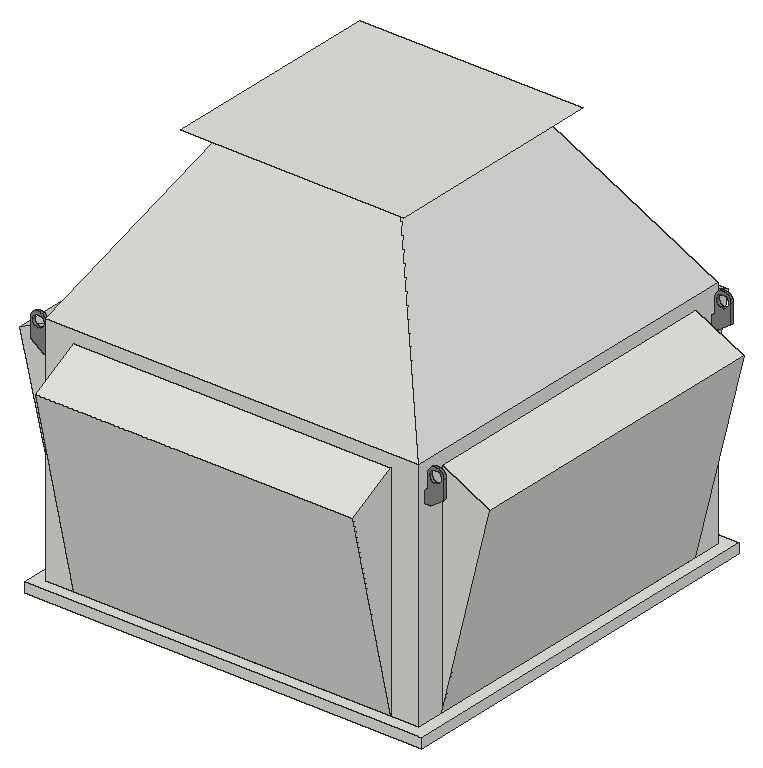
Revit family "НЕВАТОМ_Вентилятор VKRS, Версия 2", category Оборудование, Revit 2017
Family settings
  Размер круглого соединителя = Использовать диаметр
  Тип детали = Нормальный
  На основе рабочей плоскости = Нет
  Всегда вертикально = Да
  При загрузке вырезать с полостями = Нет
  Общий = Нет
  Точка расчета площади = Нет
Parameters (values of type "VKRS № 12,5 АИР250М6")
  Мощность двигателя N, кВт = 55 kW
  Материал = Сталь ASTM A441
  Ключевая пометка = "Вентиляция"
  l3 = 0.85 * l  # 1317.5 mm
  l2 = 0.6 * l  # 930 mm
  l1 = 0.5 * l  # 775 mm
  l = L - 100 mm  # 1550 mm
  h1 = 0.03 * H  # 50.7 mm
  h = 40 mm
  Nevatom_URL = "https://t.me/NEVATOM_Bim_bot"
  L1-100 = L1 - 100 mm  # 1950 mm
  L1 = 2050 mm
  L = 1650 mm
  H3 = 0.95 * H1  # 963.3 mm
  H2 = 0.85 * H1  # 861.9 mm
  H1 = 0.6 * H  # 1014 mm
  H = 1690 mm
  D = 1250 mm
  B = 1550 mm
  ADSK_Частота вращения вентилятора = 1000
  ADSK_Ток = 103.5 A
  ADSK_Расход воздуха = 0 m³/h
  ADSK_Размер_Ширина = L  # 1650 mm
  ADSK_Размер_Длина = L  # 1650 mm
  ADSK_Размер_Высота = H  # 1690 mm
  ADSK_Примечание = ""
  ADSK_Позиция = ""
  ADSK_Напряжение = 380 V  # constant formula
  ADSK_Наименование = "Вентилятор крышный радиальный с выбросом в сторону"  # constant formula
  ADSK_Материал наименование = "Оцинкованная сталь"  # constant formula
  ADSK_Масса = 1018
  ADSK_Марка = "VKRS-12,5-55,0/1000"
  ADSK_Количество [instance] = 1  # constant formula
  ADSK_Код изделия = ""
  ADSK_Завод-изготовитель = "НЕВАТОМ"  # constant formula
  ADSK_Единица измерения = "шт."  # constant formula
Types (42, lengths in mm): name | Мощность двигателя N, кВт | l3 | l2 | l1 | l | h1 | h | Nevatom_URL | L1-100 | L1 | L | H3 | H2 | H1 | H | D | B | ADSK_Частота вращения вентилятора | ADSK_Ток | ADSK_Размер_Ширина | ADSK_Размер_Длина | ADSK_Размер_Высота | ADSK_Масса | ADSK_Марка
  VKRS № 3,15 АИР63A4 | 0.25 kW | 357 | 252 | 210 | 420 | 16.95 | 20 | "https://t.me/NEVATOM_Bim_bot" | 520 | 620 | 520 | 322.05 | 288.15 | 339 | 565 | 315 | 440 | 1500 | 0.85 A | 520 | 520 | 565 | 33.7 | "VKRS-3,15-0,25/1500"
  VKRS № 12,5 АИР225M8 | 30 kW | 1317.5 | 930 | 775 | 1550 | 50.7 | 40 | "https://t.me/NEVATOM_Bim_bot" | 1950 | 2050 | 1650 | 963.3 | 861.9 | 1014 | 1690 | 1250 | 1550 | 750 | 63.5 A | 1650 | 1650 | 1690 | 853 | "VKRS-12,5-30,0/750"
  VKRS № 3,15 АИР80B2 | 2.2 kW | 357 | 252 | 210 | 420 | 16.95 | 20 | "https://t.me/NEVATOM_Bim_bot" | 520 | 620 | 520 | 322.05 | 288.15 | 339 | 565 | 315 | 440 | 3000 | 4.74 A | 520 | 520 | 565 | 44 | "VKRS-3,15-2,2/3000"
  VKRS № 4 АИР63B6 | 0.25 kW | 446.25 | 315 | 262.5 | 525 | 20.7 | 20 | "https://t.me/NEVATOM_Bim_bot" | 630 | 730 | 625 | 393.3 | 351.9 | 414 | 690 | 400 | 530 | 1000 | 1.07 A | 625 | 625 | 690 | 59 | "VKRS № 4 АИР63B6"
  VKRS № 4 АИР71B4 | 0.75 kW | 446.25 | 315 | 262.5 | 525 | 20.7 | 20 | "https://t.me/NEVATOM_Bim_bot" | 630 | 730 | 625 | 393.3 | 351.9 | 414 | 690 | 400 | 530 | 1500 | 2.08 A | 625 | 625 | 690 | 60 | "VKRS-4,0-0,75/1500"
  VKRS № 4 АИР100L2 | 5.5 kW | 446.25 | 315 | 262.5 | 525 | 20.7 | 20 | "https://t.me/NEVATOM_Bim_bot" | 630 | 730 | 625 | 393.3 | 351.9 | 414 | 690 | 400 | 530 | 3000 | 10.95 A | 625 | 625 | 690 | 85 | "VKRS-4,0-5,5/3000"
  VKRS № 5 АИР80A6 | 0.75 kW | 518.5 | 366 | 305 | 610 | 22.65 | 20 | "https://t.me/NEVATOM_Bim_bot" | 760 | 860 | 710 | 430.35 | 385.05 | 453 | 755 | 500 | 630 | 1000 | 2.28 A | 710 | 710 | 755 | 79.6 | "VKRS-5,0-0,75/1000"
  VKRS № 5 АИР90L4 | 2.2 kW | 518.5 | 366 | 305 | 610 | 22.65 | 20 | "https://t.me/NEVATOM_Bim_bot" | 760 | 860 | 710 | 430.35 | 385.05 | 453 | 755 | 500 | 630 | 1500 | 5.2 A | 710 | 710 | 755 | 87 | "VKRS-5,0-2,2/1500"
  VKRS № 6,3 АИР100L6 | 2.2 kW | 637.5 | 450 | 375 | 750 | 28.2 | 20 | "https://t.me/NEVATOM_Bim_bot" | 950 | 1050 | 850 | 535.8 | 479.4 | 564 | 940 | 630 | 755 | 1000 | 5.58 A | 850 | 850 | 940 | 135.1 | "VKRS-6,3-2,2/1000"
  VKRS № 6,3 АИР132S4 | 7.5 kW | 637.5 | 450 | 375 | 750 | 28.2 | 20 | "https://t.me/NEVATOM_Bim_bot" | 950 | 1050 | 850 | 535.8 | 479.4 | 564 | 940 | 630 | 755 | 1500 | 15.66 A | 850 | 850 | 940 | 180 | "VKRS-6,3-7,5/1500"
  VKRS № 8 АИР112MB8 | 3 kW | 833 | 588 | 490 | 980 | 37.8 | 20 | "https://t.me/NEVATOM_Bim_bot" | 1255 | 1355 | 1080 | 718.2 | 642.6 | 756 | 1260 | 800 | 1005 | 750 | 7.98 A | 1080 | 1080 | 1260 | 264.5 | "VKRS-8-3,0/750"
  VKRS № 8 АИР132M6 | 7.5 kW | 833 | 588 | 490 | 980 | 37.8 | 20 | "https://t.me/NEVATOM_Bim_bot" | 1255 | 1355 | 1080 | 718.2 | 642.6 | 756 | 1260 | 800 | 1005 | 1000 | 17.17 A | 1080 | 1080 | 1260 | 297.5 | "VKRS-8,0-7,5/1000"
  VKRS № 8 АИР180S4 | 22 kW | 833 | 588 | 490 | 980 | 37.8 | 20 | "https://t.me/NEVATOM_Bim_bot" | 1255 | 1355 | 1080 | 718.2 | 642.6 | 756 | 1260 | 800 | 1005 | 1500 | 42.6 A | 1080 | 1080 | 1260 | 381 | "VKRS-8,0-22,0/1500"
  VKRS № 10 АИР160M8 | 11 kW | 1190 | 840 | 700 | 1400 | 44.4 | 20 | "https://t.me/NEVATOM_Bim_bot" | 1700 | 1800 | 1500 | 843.6 | 754.8 | 888 | 1480 | 1000 | 1389 | 750 | 25.75 A | 1500 | 1500 | 1480 | 520 | "VKRS-10,0-11/1000"
  VKRS № 10 АИР200M6 | 22 kW | 1190 | 840 | 700 | 1400 | 44.4 | 20 | "https://t.me/NEVATOM_Bim_bot" | 1700 | 1800 | 1500 | 843.6 | 754.8 | 888 | 1480 | 1000 | 1389 | 1000 | 44.35 A | 1500 | 1500 | 1480 | 610 | "VKRS-10,0-37,0/1500"
  VKRS № 12,5 АИР250М6 | 55 kW | 1317.5 | 930 | 775 | 1550 | 50.7 | 40 | "https://t.me/NEVATOM_Bim_bot" | 1950 | 2050 | 1650 | 963.3 | 861.9 | 1014 | 1690 | 1250 | 1550 | 1000 | 103.5 A | 1650 | 1650 | 1690 | 1018 | "VKRS-12,5-55,0/1000"
  VKRS № 3,55 АИР63В4 | 0.37 kW | 386.75 | 273 | 227.5 | 455 | 18.6 | 20 | "https://t.me/NEVATOM_Bim_bot" | 603 | 703 | 555 | 353.4 | 316.2 | 372 | 620 | 355 | 480 | 1500 | 1.15 A | 555 | 555 | 620 | 45.4 | "VKRS-3,55-0,37/1500"
  VKRS № 4,5 АИР71А6 | 0.37 kW | 471.75 | 333 | 277.5 | 555 | 26.16 | 20 | "https://t.me/NEVATOM_Bim_bot" | 744 | 844 | 655 | 497.04 | 444.72 | 523.2 | 872 | 450 | 580 | 1000 | 1.34 A | 655 | 655 | 872 | 67.9 | "VKRS-4,5-0,37/1000"
  VKRS № 5,6 АИР80B6 | 1.1 kW | 565.25 | 399 | 332.5 | 665 | 23.85 | 20 | "https://t.me/NEVATOM_Bim_bot" | 905 | 1005 | 765 | 453.15 | 405.45 | 477 | 795 | 560 | 690 | 1000 | 3.17 A | 765 | 765 | 795 | 99 | "VKRS № 5,6 АИР80B6"
  VKRS № 7,1 АИР112MA8 | 2.2 kW | 697 | 492 | 410 | 820 | 36.81 | 20 | "https://t.me/NEVATOM_Bim_bot" | 1051 | 1151 | 920 | 699.39 | 625.77 | 736.2 | 1227 | 710 | 840 | 750 | 6.07 A | 920 | 920 | 1227 | 257.5 | "VKRS-7,1-2,2/750"
  VKRS № 3,15 АИР56А4 | 0.12 kW | 357 | 252 | 210 | 420 | 16.95 | 20 | "https://t.me/NEVATOM_Bim_bot" | 520 | 620 | 520 | 322.05 | 288.15 | 339 | 565 | 315 | 440 | 1500 | 0.47 A | 520 | 520 | 565 | 32.4 | "VKRS-3,15-0,12/1500"
  VKRS № 3,15 АИР71В2 | 1.1 kW | 357 | 252 | 210 | 420 | 16.95 | 20 | "https://t.me/NEVATOM_Bim_bot" | 520 | 620 | 520 | 322.05 | 288.15 | 339 | 565 | 315 | 440 | 3000 | 2.62 A | 520 | 520 | 565 | 38.3 | "VKRS-3,15-1,1/3000"
  VKRS № 3,55 АИР90L2 | 0.37 kW | 386.75 | 273 | 227.5 | 455 | 18.6 | 20 | "https://t.me/NEVATOM_Bim_bot" | 603 | 703 | 555 | 353.4 | 316.2 | 372 | 620 | 355 | 480 | 3000 | 1.15 A | 555 | 555 | 620 | 60.6 | "VKRS-3,55-3/3000"
  VKRS № 4.5 АИР80В4 | 1.5 kW | 471.75 | 333 | 277.5 | 555 | 26.16 | 20 | "" | 744 | 844 | 655 | 497.04 | 444.72 | 523.2 | 872 | 450 | 580 | 1500 | 3.68 A | 655 | 655 | 872 | 75.9 | "VKRS-4,5-1,5/1500"
  VKRS № 4.5 АИР132М2 | 11 kW | 471.75 | 333 | 277.5 | 555 | 26.16 | 20 | "https://t.me/NEVATOM_Bim_bot" | 744 | 844 | 655 | 497.04 | 444.72 | 523.2 | 872 | 450 | 580 | 3000 | 21.17 A | 655 | 655 | 872 | 139 | "VKRS-4,5-11/3000"
  VKRS № 5,6 АИР100L4 | 4 kW | 565.25 | 399 | 332.5 | 665 | 23.85 | 20 | "https://t.me/NEVATOM_Bim_bot" | 905 | 1005 | 765 | 453.15 | 405.45 | 477 | 795 | 560 | 690 | 1500 | 8.66 A | 765 | 765 | 795 | 108 | "VKRS-5,6-4,0/1500"
  VKRS № 7,1 АИР112МВ6 | 4 kW | 697 | 492 | 410 | 820 | 36.81 | 20 | "https://t.me/NEVATOM_Bim_bot" | 1051 | 1151 | 920 | 699.39 | 625.77 | 736.2 | 1227 | 710 | 840 | 1000 | 9.46 A | 920 | 920 | 1227 | 262 | "VKRS-7,1-4,0/1000"
  VKRS № 7,1 АИР160S4 | 15 kW | 697 | 492 | 410 | 820 | 36.81 | 20 | "https://t.me/NEVATOM_Bim_bot" | 1051 | 1151 | 920 | 699.39 | 625.77 | 736.2 | 1227 | 710 | 840 | 1500 | 30 A | 920 | 920 | 1227 | 322 | "VKRS-7,1-15,0/1500"
  VKRS № 4 АИР63В4 | 0.37 kW | 446.25 | 315 | 262.5 | 525 | 20.7 | 20 | "https://t.me/NEVATOM_Bim_bot" | 630 | 730 | 625 | 393.3 | 351.9 | 414 | 690 | 400 | 530 | 1500 | 1.15 A | 625 | 625 | 690 | 54.6 | "VKRS-4,0-0,37/1500"
  VKRS № 4 АИР90L2 | 3 kW | 446.25 | 315 | 262.5 | 525 | 20.7 | 20 | "https://t.me/NEVATOM_Bim_bot" | 630 | 730 | 625 | 393.3 | 351.9 | 414 | 690 | 400 | 530 | 3000 | 6.35 A | 625 | 625 | 690 | 68 | "VKRS-4,0-3,0/3000"
  VKRS № 5 АИР71А6 | 0.37 kW | 518.5 | 366 | 305 | 610 | 22.65 | 20 | "https://t.me/NEVATOM_Bim_bot" | 760 | 860 | 710 | 430.35 | 385.05 | 453 | 755 | 500 | 630 | 1000 | 1.34 A | 710 | 710 | 755 | 75.4 | "VKRS-5,0-0,37/1000"
  VKRS № 5 АИР80В4 | 1.5 kW | 518.5 | 366 | 305 | 610 | 22.65 | 20 | "https://t.me/NEVATOM_Bim_bot" | 760 | 860 | 710 | 430.35 | 385.05 | 453 | 755 | 500 | 630 | 1500 | 3.68 A | 710 | 710 | 755 | 82 | "VKRS-5,0-1,5/1500"
  VKRS № 5 АИР132М2 | 11 kW | 518.5 | 366 | 305 | 610 | 22.65 | 20 | "https://t.me/NEVATOM_Bim_bot" | 760 | 860 | 710 | 430.35 | 385.05 | 453 | 755 | 500 | 630 | 3000 | 21.17 A | 710 | 710 | 755 | 138 | "VKRS-5,0-11/3000"
  VKRS № 6,3 АИР80В6 | 1.1 kW | 637.5 | 450 | 375 | 750 | 28.2 | 20 | "https://t.me/NEVATOM_Bim_bot" | 950 | 1050 | 850 | 535.8 | 479.4 | 564 | 940 | 630 | 755 | 1000 | 3.17 A | 850 | 850 | 940 | 123 | "VKRS-6,3-1,1/1000"
  VKRS № 6,3 АИР100L4 | 4 kW | 637.5 | 450 | 375 | 750 | 28.2 | 20 | "https://t.me/NEVATOM_Bim_bot" | 950 | 1050 | 850 | 535.8 | 479.4 | 564 | 940 | 630 | 755 | 1500 | 8.66 A | 850 | 850 | 940 | 139 | "VKRS-6,3-4,0/1500"
  VKRS № 8 АИР112MB6 | 4 kW | 833 | 588 | 490 | 980 | 37.8 | 20 | "https://t.me/NEVATOM_Bim_bot" | 1255 | 1355 | 1080 | 718.2 | 642.6 | 756 | 1260 | 800 | 1005 | 1000 | 9.46 A | 1080 | 1080 | 1260 | 264 | "VKRS-8-4,0/1000"
  VKRS № 8 АИР160S4 | 15 kW | 833 | 588 | 490 | 980 | 37.8 | 20 | "https://t.me/NEVATOM_Bim_bot" | 1255 | 1355 | 1080 | 718.2 | 642.6 | 756 | 1260 | 800 | 1005 | 1500 | 30 A | 1080 | 1080 | 1260 | 318 | "VKRS-8,0-15,0/1500"
  VKRS № 10 АИР132М8 | 5.5 kW | 1190 | 840 | 700 | 1400 | 44.4 | 20 | "https://t.me/NEVATOM_Bim_bot" | 1700 | 1800 | 1500 | 843.6 | 754.8 | 888 | 1480 | 1000 | 1389 | 750 | 13.7 A | 1500 | 1500 | 1480 | 461 | "VKRS-10-5,5/750"
  VKRS № 10 АИР160S6 | 11 kW | 1190 | 840 | 700 | 1400 | 44.4 | 20 | "https://t.me/NEVATOM_Bim_bot" | 1700 | 1800 | 1500 | 843.6 | 754.8 | 888 | 1480 | 1000 | 1389 | 1000 | 24.25 A | 1500 | 1500 | 1480 | 490 | "VKRS-10-11,0/1000"
  VKRS № 10 АИР200М4 | 37 kW | 1190 | 840 | 700 | 1400 | 44.4 | 20 | "https://t.me/NEVATOM_Bim_bot" | 1700 | 1800 | 1500 | 843.6 | 754.8 | 888 | 1480 | 1000 | 1389 | 1500 | 69.29 A | 1500 | 1500 | 1480 | 625 | "VKRS № 10 АИР200М4"
  VKRS № 12,5 АИР180М8 | 15 kW | 1317.5 | 930 | 775 | 1550 | 50.7 | 40 | "https://t.me/NEVATOM_Bim_bot" | 1950 | 2050 | 1650 | 963.3 | 861.9 | 1014 | 1690 | 1250 | 1550 | 750 | 34.55 A | 1650 | 1650 | 1690 | 728 | "VKRS-12,5-15,0/750"
  VKRS № 12,5 АИР225М6 | 37 kW | 1317.5 | 930 | 775 | 1550 | 50.7 | 40 | "https://t.me/NEVATOM_Bim_bot" | 1950 | 2050 | 1650 | 963.3 | 861.9 | 1014 | 1690 | 1250 | 1550 | 1000 | 71 A | 1650 | 1650 | 1690 | 853 | "VKRS-12,5-37,0/1000"
Reference planes
  plane 1 "По центру (Вперед/Назад)": y = 0
  plane 2: z = 0
  plane 3 "По центру (Влево/Вправо)": x = 0
  plane 4: x = -825
  plane 5: x = 825
  plane 6: y = 825
  plane 7: y = -825
  plane 8: z = 40
  plane 9: z = 1690
  plane 10: z = 1014
  plane 11: x = -775
  plane 12: x = 775
  plane 13: y = 775
  plane 14: y = -775
  plane 15: x = -387.5
  plane 16: x = 387.5
  plane 17: y = 387.5
  plane 18: y = -387.5
  plane 19: x = -465
  plane 20: x = 465
  plane 21: y = 465
  plane 22: y = -465
  plane 23: z = 1639.3
  plane 24: x = -975
  plane 25: x = 975
  plane 26: z = 861.9
  plane 27: y = 658.75
  plane 28: y = -658.75
  plane 29: y = 975
  plane 30: y = -975
  plane 31: x = -658.75
  plane 32: x = 658.75
  plane 33: z = 963.3
  plane 34: x = -1025
  plane 35: x = 1025
  plane 36: y = 745
  plane 37: y = -745
  plane 38: y = 1025
  plane 39: y = -1025
Forms (mm)
  Extrusion 1, void, not visible
    sketch origin (-345, -245, 50) x (0, -1, 0) y (0, 0, -1)
      loop
        line (-477.965, -475) -> (-477.965, -450) -> (-528.913, -450) -> (-528.913, -475) -> (-477.965, -475)
    from -47.452 to 12
  Extrusion 2, solid, material "Сталь ASTM A441" <- "Материал"
    sketch origin (0, 0, 0) x (1, 0, 0) y (0, 1, 0)
      loop
        line (-825, 825) -> (-825, -825) -> (825, -825) -> (825, 825) -> (-825, 825)
    from 0 to 40
  Extrusion 3, solid, material "Сталь ASTM A441" <- "Материал"
    sketch origin (0, 0, 0) x (1, 0, 0) y (0, 1, 0)
      loop
        line (-775, 775) -> (-775, -775) -> (775, -775) -> (775, 775) -> (-775, 775)
    from 40 to 1014
  Blend 4, solid, material "Сталь ASTM A441" <- "Материал"
    base sketch origin (0, 0, 0) x (1, 0, 0) y (0, 1, 0)
      loop
        line (-775, 775) -> (-775, -775) -> (775, -775) -> (775, 775) -> (-775, 775)
    top sketch origin (0, 0, 0) x (1, 0, 0) y (0, 1, 0)
      loop
        line (-387.5, 387.5) -> (-387.5, -387.5) -> (387.5, -387.5) -> (387.5, 387.5) -> (-387.5, 387.5)
    from 1014 to 1639.3
  Blend 5, solid, material "Сталь ASTM A441" <- "Материал"
    base sketch origin (0, 0, 0) x (1, 0, 0) y (0, 1, 0)
      loop
        line (-387.5, 387.5) -> (-387.5, -387.5) -> (387.5, -387.5) -> (387.5, 387.5) -> (-387.5, 387.5)
    top sketch origin (0, 0, 0) x (1, 0, 0) y (0, 1, 0)
      loop
        line (-465, 465) -> (-465, -465) -> (465, -465) -> (465, 465) -> (-465, 465)
    from 1639.3 to 1690
  Extrusion 6, solid, material "Сталь ASTM A441" <- "Материал"
    sketch origin (0, 0, 0) x (1, 0, 0) y (0, 0, 1)
      loop
        line (-775, 40) -> (-775, 963.3) -> (-975, 861.9) -> (-775, 40)
      loop
        line (775, 40) -> (975, 861.9) -> (775, 963.3) -> (775, 40)
    from -658.75 to 658.75
  Extrusion 7, solid, material "Сталь ASTM A441" <- "Материал"
    sketch origin (0, 0, 0) x (0, 1, 0) y (0, 0, 1)
      loop
        line (775, 40) -> (975, 861.9) -> (775, 963.3) -> (775, 40)
      loop
        line (-775, 40) -> (-775, 963.3) -> (-975, 861.9) -> (-775, 40)
    from -658.75 to 658.75
Lines and regions (mm)
  model lines, not visible, detail levels coarse
    curve 1: circle (0, 0, 0) r 135 normal (0, 0, 1)
    curve 2: line (-135, 0, 0) -> (43.681, 127.738, 0)
    curve 3: line (-135, 0, 0) -> (43.681, -127.738, 0)
    curve 4: line (43.681, 127.738, 0) -> (43.681, -127.738, 0)
  model lines, not visible, detail levels medium
    curve 5: circle (0, 0, 0) r 90 normal (0, -1, 0)
    curve 6: line (-90, 0, 0) -> (39.046, 0, 81.089)
    curve 7: line (-90, 0, 0) -> (39.046, 0, -81.089)
    curve 8: line (39.046, 0, 81.089) -> (39.046, 0, -81.089)
Dimensions and locks
  equal spacing: plane 6, plane 1 "По центру (Вперед/Назад)", plane 7
  "L": plane 6 to plane 7
  equal spacing: plane 4, plane 3 "По центру (Влево/Вправо)", plane 5
  "L": plane 4 to plane 5
  "h": plane 8 to level
  "H": plane 9 to level
  "H1": plane 10 to level
  equal spacing: plane 13, plane 1 "По центру (Вперед/Назад)", plane 14
  "l": plane 13 to plane 14
  equal spacing: plane 11, plane 3 "По центру (Влево/Вправо)", plane 12
  "l": plane 11 to plane 12
  "l1": plane 18 to plane 17
  equal spacing: plane 18, plane 1 "По центру (Вперед/Назад)", plane 17
  equal spacing: plane 15, plane 3 "По центру (Влево/Вправо)", plane 16
  "l1": plane 15 to plane 16
  equal spacing: plane 19, plane 3 "По центру (Влево/Вправо)", plane 20
  "l2": plane 19 to plane 20
  equal spacing: plane 21, plane 1 "По центру (Вперед/Назад)", plane 22
  "l2": plane 21 to plane 22
  "h1": plane 9 to plane 23
  equal spacing: plane 25, plane 3 "По центру (Влево/Вправо)", plane 24
  "L1-100": plane 25 to plane 24
  "H2": plane 26 to level
  equal spacing: plane 27, plane 1 "По центру (Вперед/Назад)", plane 28
  "l3": plane 27 to plane 28
  equal spacing: plane 29, plane 1 "По центру (Вперед/Назад)", plane 30
  "L1-100": plane 29 to plane 30
  equal spacing: plane 32, plane 3 "По центру (Влево/Вправо)", plane 31
  "l3": plane 32 to plane 31
  "H3": plane 33 to level
  equal spacing: plane 35, plane 3 "По центру (Влево/Вправо)", plane 34
  "L1": plane 35 to plane 34
  locked: plane 13 to plane 36 at 30
  locked: plane 37 to plane 14 at 30
  equal spacing: plane 38, plane 1 "По центру (Вперед/Назад)", plane 39
  "L1": plane 38 to plane 39
  aligned and locked: level to plane 2
  aligned and locked: Extrusion 2 sketch curve to plane 6
  aligned and locked: Extrusion 2 sketch curve to plane 4
  aligned and locked: plane 7 to Extrusion 2 sketch curve
  aligned and locked: plane 5 to Extrusion 2 sketch curve
  aligned and locked: Extrusion 2 to level
  aligned and locked: plane 8 to Extrusion 2
  aligned and locked: plane 13 to Extrusion 3 sketch curve
  aligned and locked: plane 11 to Extrusion 3 sketch curve
  aligned and locked: plane 14 to Extrusion 3 sketch curve
  aligned and locked: Extrusion 3 sketch curve to plane 12
  aligned and locked: plane 10 to Extrusion 3
  aligned and locked: Extrusion 3 to plane 8
  aligned and locked: plane 13 to Blend 4 sketch curve
  aligned and locked: Blend 4 sketch curve to plane 12
  aligned and locked: plane 14 to Blend 4 sketch curve
  aligned and locked: plane 11 to Blend 4 sketch curve
  aligned and locked: Blend 4 sketch curve to plane 17
  aligned and locked: plane 15 to Blend 4 sketch curve
  aligned and locked: Blend 4 sketch curve to plane 18
  aligned and locked: plane 16 to Blend 4 sketch curve
  aligned and locked: Blend 4 to plane 10
  aligned and locked: plane 23 to Blend 4
  aligned and locked: plane 16 to Blend 5 sketch curve
  aligned and locked: Blend 5 sketch curve to plane 17
  aligned and locked: plane 15 to Blend 5 sketch curve
  aligned and locked: Blend 5 sketch curve to plane 18
  aligned and locked: Blend 5 sketch curve to plane 21
  aligned and locked: Blend 5 sketch curve to plane 19
  aligned and locked: plane 22 to Blend 5 sketch curve
  aligned and locked: plane 20 to Blend 5 sketch curve
  aligned and locked: plane 9 to Blend 5
  aligned and locked: Blend 5 to Blend 4
  aligned and locked: plane 11 to Extrusion 6 sketch curve
  aligned and locked: plane 12 to Extrusion 6 sketch curve
  aligned and locked: plane 25 to Extrusion 6 sketch curve
  aligned and locked: plane 26 to Extrusion 6 sketch curve  (x2)
  aligned and locked: plane 24 to Extrusion 6 sketch curve
  aligned and locked: Extrusion 6 to plane 28
  aligned and locked: Extrusion 6 to plane 27
  aligned and locked: plane 13 to Extrusion 7 sketch curve
  aligned and locked: plane 26 to Extrusion 7 sketch curve  (x2)
  aligned and locked: plane 29 to Extrusion 7 sketch curve
  aligned and locked: Extrusion 7 sketch curve to plane 14
  aligned and locked: plane 30 to Extrusion 7 sketch curve
  aligned and locked: Extrusion 7 to plane 31
  aligned and locked: plane 32 to Extrusion 7
  aligned and locked: nested 2 to plane 36
  aligned and locked: nested 2 to plane 11
  aligned and locked: plane 37 to nested 3
  aligned and locked: nested 3 to plane 11
  aligned and locked: nested 3 to plane 26
  aligned and locked: nested 2 to plane 26
  aligned and locked: plane 36 to nested 4
  aligned and locked: nested 4 to plane 12
  aligned and locked: nested 5 to plane 12
  aligned and locked: nested 5 to plane 37
  aligned and locked: plane 26 to nested 5
  aligned and locked: plane 26 to nested 4
Automatic sketch dimensions
  Extrusion 6 sketch curve to plane 8 = 0 mm  (x2)
  Extrusion 6 sketch curve to plane 33 = 0 mm  (x2)
  Extrusion 7 sketch curve to plane 8 = 0 mm  (x2)
  Extrusion 7 sketch curve to plane 33 = 0 mm  (x2)
Nested families
  nested 1: "крепление 15мм" at (-330, 229.965, 495), type "крепление 15мм", not visible
  nested 2: "Монтажное ухо" at (-775, 745, 884.4) x (0, -1, 0) z (0, 0, 1), type "1"
  nested 3: "Монтажное ухо" at (-775, -745, 884.4) x (0, -1, 0) z (0, 0, 1), type "1"
  nested 4: "Монтажное ухо" at (775, 745, 884.4) x (0, -1, 0) z (0, 0, 1), type "1"
  nested 5: "Монтажное ухо" at (775, -745, 884.4) x (0, -1, 0) z (0, 0, 1), type "1"
Connectors
  hvac at (0, 0, 0), driven by "D", driven by "ADSK_Расход воздуха"
    settings: on Extrusion 2, index 1, duct flow 0 m³/h, flow factor 0, pres drop 0.0 Pa, loss coef 0, conn angle 0.00°, conn width 304.8 mm, conn height 304.8 mm, conn diameter 1250 mm, duct sys type 29, conn prof type 0, flow config 0, flow direction 0, loss method 0, conn ref index -1, conn util no, is conn primary yes, conn desc ""
Definition of nested family "крепление 15мм"
  Parameters (values of type "крепление 15мм")
    Материал крепления = none
  Reference planes
    plane 1 "По центру (Вперед/Назад)": y = 0
    plane 2: z = 0
    plane 3 "По центру (Влево/Вправо)": x = 0
  Forms (mm)
    Extrusion 1, solid, material <- "Материал крепления"
      sketch origin (0, 0, 0) x (1, 0, 0) y (0, 1, 0)
        loop
          line (-25, 0) -> (0, 0) -> (0, 18.31) -> (0, 25) -> (-3, 25) -> (-3, 3) -> (-25, 3) -> (-25, 0)
      from 0 to 30
    Extrusion 2, void
      sketch origin (0, 0, 0) x (1, 0, 0) y (0, 1, 0)
        loop
          line (-3, 3) -> (-3, 54.96) -> (-58, 54.96) -> (-58, 3) -> (-3, 3)
      from 0 to 15
  Cuts and joins
    Extrusion 2 cuts Extrusion 1
  Dimensions and locks
    Extrusion 1 sketch curve to Extrusion 1 sketch curve = 3 mm  (x2)
    Extrusion 1 sketch curve to Extrusion 1 sketch curve to plane 3 "По центру (Влево/Вправо)" = 25 mm, 0 mm
    Extrusion 1 sketch curve to Extrusion 1 sketch curve = 25 mm
    aligned and locked: level to plane 2
Definition of nested family "Монтажное ухо"
  Parameters (values of type "1")
    Тип, марка, обозначение = ""
    Примечание = ""
    Позиция = ""
    Наименование и тех.хар-ка = "Адаптер для гибкой вставки"  # constant formula
    Материал = none
    Масса единицы = ""
    Код, оборудования = ""
    Keynote = "Вентиляция"
    Завод изготовитель = "NED"
    Единица измерения = "шт."
    3 = 44.152 mm
    2 = 51.015 mm
    1 = 172.5 mm
  Reference planes
    plane 1 "По центру (Вперед/Назад)": y = 0
    plane 2: z = 0
    plane 3 "По центру (Влево/Вправо)": x = 0
  Forms (mm)
    Extrusion 1, void, not visible
      sketch origin (-345, -245, 50) x (0, -1, 0) y (0, 0, -1)
        loop
          line (-477.965, -475) -> (-477.965, -450) -> (-528.913, -450) -> (-528.913, -475) -> (-477.965, -475)
      from -47.452 to 12
    Extrusion 2, solid, material <- "Материал"
      sketch origin (0, 0, 0) x (0, 1, 0) y (0, 0, 1)
        loop
          line (-30.243, -22.5) -> (0, -22.5) -> (0, 25) -> (-16.25, 35.415) -> (-16.25, 95)
          arc (-16.25, 95) -> (-50.451, 129.201) -> (-84.652, 95) r 34.201
          line (-84.652, 95) -> (-84.652, 17.304) -> (-30.243, -22.5)
        loop
          circle (-50.764, 92.098) r 25
      from -5 to 5
  Lines and regions (mm)
    model lines, not visible, detail levels coarse
      curve 1: circle (0, 0, 0) r 135 normal (0, 0, 1)
      curve 2: line (-135, 0, 0) -> (43.681, 127.738, 0)
      curve 3: line (-135, 0, 0) -> (43.681, -127.738, 0)
      curve 4: line (43.681, 127.738, 0) -> (43.681, -127.738, 0)
    model lines, not visible, detail levels medium
      curve 5: circle (0, 0, 0) r 90 normal (0, -1, 0)
      curve 6: line (-90, 0, 0) -> (39.046, 0, 81.089)
      curve 7: line (-90, 0, 0) -> (39.046, 0, -81.089)
      curve 8: line (39.046, 0, 81.089) -> (39.046, 0, -81.089)
  Dimensions and locks
    aligned and locked: level to plane 2
  Nested families
    nested 1: "крепление 15мм" at (-330, 229.965, 495), type "крепление 15мм", not visible
  Definition of nested family "крепление 15мм"
    Parameters (values of type "крепление 15мм")
      Материал крепления = none
    Reference planes
      plane 1 "По центру (Вперед/Назад)": y = 0
      plane 2: z = 0
      plane 3 "По центру (Влево/Вправо)": x = 0
    Forms (mm)
      Extrusion 1, solid, material <- "Материал крепления"
        sketch origin (0, 0, 0) x (1, 0, 0) y (0, 1, 0)
          loop
            line (-25, 0) -> (0, 0) -> (0, 18.31) -> (0, 25) -> (-3, 25) -> (-3, 3) -> (-25, 3) -> (-25, 0)
        from 0 to 30
      Extrusion 2, void
        sketch origin (0, 0, 0) x (1, 0, 0) y (0, 1, 0)
          loop
            line (-3, 3) -> (-3, 54.96) -> (-58, 54.96) -> (-58, 3) -> (-3, 3)
        from 0 to 15
    Cuts and joins
      Extrusion 2 cuts Extrusion 1
    Dimensions and locks
      Extrusion 1 sketch curve to Extrusion 1 sketch curve = 3 mm  (x2)
      Extrusion 1 sketch curve to Extrusion 1 sketch curve to plane 3 "По центру (Влево/Вправо)" = 25 mm, 0 mm
      Extrusion 1 sketch curve to Extrusion 1 sketch curve = 25 mm
      aligned and locked: level to plane 2
